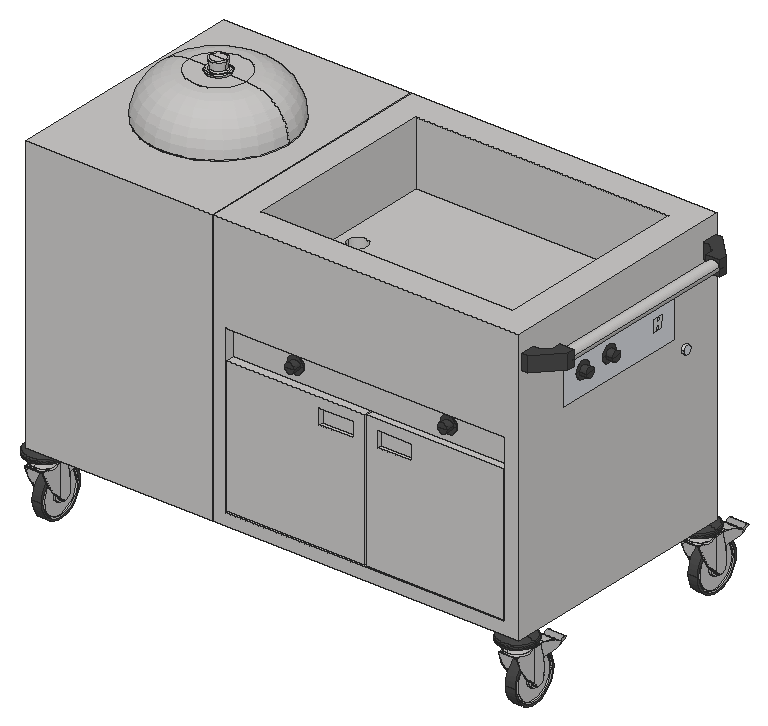
Revit family "QF_BOURGEAT_Bain_marie_mini_self", category Equipement spécialisé, Revit 2015
Parameters (values of type "mini_self")
  URL catalogue = "http://www.bourgeat.fr"
  URL = ""
  Type de Raccord Electrique = ""
  Type article = ""
  Tension = 230 V
  Spécification du Fabricant = "Bain-marie mobile"
  Remarques Electricité = ""
  Puissance électrique  = 3300 W
  Profondeur hors tout = 685 mm
  Poids net à vide = 90.00 kg
  Phase = 2
  Nature isolant = "30mm laine de roche"
  Modèle = "872210"
  Longueur hors tout = 1355 mm
  Intensité nominale = 14.3478 A
  Indice de protection = "33"
  Hauteur hors tout = 1060 mm
  Fréquence = 50 Hz
  Fabricant = "BOURGEAT"
  Contact SAV = "0033(0)4.76.32.14.44"
  Charge max = 170.00 kg
Reference planes
  plane 1 "Centre (avant/arrière)": y = 0
  plane 2: z = 0
  plane 3 "Centre (gauche/droite)": x = 0
  plane 4: x = 330
  plane 5: x = -330
  plane 6: y = 347.5
  plane 7: y = -347.5
  plane 8: z = 182
  plane 9: z = 182
  plane 10: y = 324
  plane 11: y = -324
  plane 12: x = 400
  plane 13: x = -400
  plane 14: z = 900
  plane 15: x = -175
  plane 16: x = 175
  plane 17: y = 204
  plane 18: z = 732
  plane 19: z = 214
  plane 20: x = -364.5
  plane 21: x = 364.5
  plane 22: z = 647
  plane 23: y = -301.5
  plane 24: y = -254
  plane 25: y = 254
  plane 26: z = 219
  plane 27: x = -200
  plane 28: x = 200
  plane 29: z = 609
  plane 30: z = 609
  plane 31: z = 853.5
  plane 32: x = 23.5
  plane 33: x = -23.5
  plane 34: z = 791
  plane 35: x = -369.2
  plane 36: x = 369.2
  plane 37: z = 953
  plane 38: y = 309.5
  plane 39: y = -31.5
  plane 40: y = -16.5
  plane 41: y = 282
  plane 42: x = -133
  plane 43: x = 133
  plane 44: x = -280
  plane 45: x = -888
  plane 46: x = -863
  plane 47: x = -644
  plane 48: z = 1010
  plane 49: x = -461
  plane 50: x = -827
  plane 51: x = -569
  plane 52: x = -719
  plane 53: z = 1041
  plane 54: x = -622
  plane 55: x = -666
  plane 56: x = -613
  plane 57: x = -675
  plane 58: x = -465
  plane 59: y = -252
Forms (mm)
  Extrusion 1, solid, material "Acier inoxydable, brossé"
    sketch origin (0, 0, 0) x (1, 0, 0) y (0, 1, 0)
      loop
        line (-400, 324) -> (-400, -324) -> (400, -324) -> (400, 324) -> (-400, 324)
    from 182 to 900
  Extrusion 2, void
    sketch origin (0, 0, 0) x (1, 0, 0) y (0, 1, 0)
      loop
        line (-330, 254) -> (-330, -254) -> (330, -254) -> (330, 254) -> (-330, 254)
    from 732 to 959.473
  Extrusion 3, void
    sketch origin (0, 0, 0) x (1, 0, 0) y (0, 1, 0)
      loop
        circle (-280, 0) r 25
    from 527.563 to 948.643
  Extrusion 4, void
    sketch origin (0, 0, 0) x (1, 0, 0) y (0, 0, 1)
      loop
        line (-364.5, 647) -> (-364.5, 214) -> (364.5, 214) -> (364.5, 647) -> (-364.5, 647)
    from 301.5 to 401.903
  Extrusion 5, solid, material "Acier inoxydable, brossé", not visible
    sketch origin (0, 0, 0) x (1, 0, 0) y (0, 0, 1)
      loop
        line (369.2, 900) -> (369.2, 953) -> (-369.2, 953) -> (-369.2, 900) -> (-354.2, 900) -> (-354.2, 938) -> (354.2, 938) -> (354.2, 900) -> (369.2, 900)
    from -309.5 to 31.5
  Extrusion 6, solid, material "Acier inoxydable, brossé", not visible
    sketch origin (0, 0, 0) x (1, 0, 0) y (0, 1, 0)
      loop
        line (-354.2, 309.5) -> (-354.2, 294.5) -> (354.2, 294.5) -> (354.2, 309.5) -> (-354.2, 309.5)
    from 900 to 938
  Extrusion 7, solid, material "Acier inoxydable, brossé"
    sketch origin (0, 0, 0) x (1, 0, 0) y (0, 1, 0)
      loop
        line (-888, 324) -> (-888, -324) -> (-400, -324) -> (-400, 324) -> (-888, 324)
    from 182 to 900
  Revolve 8, solid, material "Acier inoxydable, brossé"
    sketch origin (0, 0, 0) x (1, 0, 0) y (0, 0, 1)
      loop
        line (-827, 902) -> (-827, 900) -> (-644, 900) -> (-644, 1010) -> (-719, 1010)
        arc (-719, 1010) -> (-795.368, 978.368) -> (-827, 902) r 108
      axis (-644, 1010) -> (-644, 900)
    angle from 0 to 360
  Revolve 9, solid, material "Acier inoxydable, brossé"
    sketch origin (0, 0, 0) x (1, 0, 0) y (0, 0, 1)
      loop
        line (-644, 1041) -> (-663.699, 1041)
        arc (-663.699, 1041) -> (-665.209, 1040.312) -> (-665.68, 1038.722) r 2
        line (-665.68, 1038.722) -> (-662.782, 1018.099)
        arc (-662.782, 1018.099) -> (-663.488, 1015.714) -> (-665.752, 1014.682) r 3
        line (-665.752, 1014.682) -> (-672.275, 1014.682) -> (-674.723, 1011.948)
        arc (-674.723, 1011.948) -> (-674.92, 1010.692) -> (-673.853, 1010) r 1.168
        line (-673.853, 1010) -> (-644, 1010) -> (-644, 1041)
      axis (-644, 1041) -> (-644, 1010)
    angle from 0 to 360
  Extrusion 10, solid
    sketch origin (0, 0, 0) x (1, 0, 0) y (0, 1, 0)
      loop
        circle (-465, -252) r 5
    from 177.094 to 182
  Extrusion 11, solid
    sketch origin (0, 0, 0) x (0, 1, 0) y (0, 0, 1)
      loop
        circle (214.979, 630.751) r 10
    from 400 to 410.303
Cuts and joins
  Extrusion 2, Extrusion 3, Extrusion 4 cuts Extrusion 1
Lines and regions (mm)
  symbolic lines
    curve 1: line (-362.5, -324, 0) -> (-362.5, -684, 0)
    curve 2: line (362.5, -324, 0) -> (362.5, -684, 0)
    curve 3: arc (362.5, -684, 0) -> (107.942, -578.558, 0) -> (2.5, -324, 0) r 360
    curve 4: arc (-2.5, -324, 0) -> (-107.942, -578.558, 0) -> (-362.5, -684, 0) r 360
Dimensions and locks
  equal spacing: plane 5, plane 3 "Centre (gauche/droite)", plane 4
  equal spacing: plane 6, plane 1 "Centre (avant/arrière)", plane 7
  locked: plane 6 to plane 7 at 695
  equal spacing: plane 10, plane 1 "Centre (avant/arrière)", plane 11
  equal spacing: plane 13, plane 3 "Centre (gauche/droite)", plane 12
  plane 10 to plane 17 = 120 mm
  plane 14 to plane 18 = 168 mm
  plane 13 to plane 15 = 225 mm
  plane 14 to plane 9 = 718 mm
  locked: plane 14 to plane 2 at 900
  locked: plane 19 to plane 8 at 32
  locked: plane 13 to plane 20 at 35.5
  locked: plane 21 to plane 12 at 35.5
  locked: plane 22 to plane 19 at 433
  locked: plane 13 to plane 12 at 800
  plane 4 to plane 12 = 70 mm
  plane 13 to plane 5 = 70 mm
  locked: plane 11 to plane 24 at 70
  plane 10 to plane 25 = 70 mm
  cut or joined group of Extrusion 1, Extrusion 2, Extrusion 3, Extrusion 4 to plane 23 = 22.5 mm
  nested 6 to plane 20 = 2 mm
  nested 5 to plane 21 = 2 mm
  plane 13 to plane 27 = 200 mm
  plane 28 to plane 12 = 200 mm
  plane 16 to plane 12 = 225 mm
  equal spacing: plane 35, plane 3 "Centre (gauche/droite)", plane 36
  Extrusion 5 to Extrusion 5 = 341 mm
  equal spacing: plane 45, plane 47, plane 13
  plane 45 to plane 58 = 423 mm
  plane 59 to Extrusion 7 = 72 mm
  aligned and locked: level to plane 2
  aligned and locked: Extrusion 1 sketch curve to plane 11
  aligned and locked: Extrusion 1 sketch curve to plane 12
  aligned and locked: Extrusion 1 sketch curve to plane 13
  aligned and locked: Extrusion 1 sketch curve to plane 10
  aligned and locked: plane 14 to Extrusion 1
  aligned and locked: Extrusion 1 to plane 9
  aligned and locked: Extrusion 2 sketch curve to plane 5
  aligned and locked: Extrusion 2 sketch curve to plane 4
  aligned and locked: cut or joined group of Extrusion 1, Extrusion 2, Extrusion 3, Extrusion 4 to plane 18
  aligned and locked: plane 8 to plane 9
  aligned and locked: Extrusion 4 sketch curve to plane 22
  aligned and locked: plane 20 to Extrusion 4 sketch curve
  aligned and locked: plane 19 to Extrusion 4 sketch curve
  aligned and locked: plane 21 to Extrusion 4 sketch curve
  aligned and locked: cut or joined group of Extrusion 1, Extrusion 2, Extrusion 3, Extrusion 4 to plane 23
  aligned and locked: plane 24 to Extrusion 2 sketch curve
  aligned and locked: Extrusion 2 sketch curve to plane 25
  aligned and locked: nested 6 to plane 26
  aligned and locked: nested 5 to plane 26
  aligned and locked: cut or joined group of Extrusion 1, Extrusion 2, Extrusion 3, Extrusion 4 to nested 6
  aligned and locked: cut or joined group of Extrusion 1, Extrusion 2, Extrusion 3, Extrusion 4 to nested 5
  aligned and locked: cut or joined group of Extrusion 1, Extrusion 2, Extrusion 3, Extrusion 4 to nested 8
  aligned and locked: cut or joined group of Extrusion 1, Extrusion 2, Extrusion 3, Extrusion 4 to nested 7
  aligned and locked: nested 8 to plane 27
  aligned and locked: plane 29 to nested 8
  aligned and locked: plane 28 to nested 7
  aligned and locked: plane 29 to nested 7
  aligned and locked: plane 29 to plane 30
  aligned and locked: nested 9 to cut or joined group of Extrusion 1, Extrusion 2, Extrusion 3, Extrusion 4
  aligned and locked: plane 31 to nested 9
  aligned and locked: nested 10 to plane 12
  aligned and locked: plane 34 to nested 10
  aligned and locked: Extrusion 5 sketch curve to plane 36
  aligned and locked: Extrusion 5 sketch curve to plane 37
  aligned and locked: plane 35 to Extrusion 5 sketch curve
  aligned and locked: Extrusion 5 sketch curve to plane 14
  aligned and locked: plane 38 to Extrusion 5
  aligned and locked: Extrusion 5 to plane 39
  aligned and locked: Extrusion 6 to plane 14
  aligned and locked: Extrusion 6 to Extrusion 5
  aligned and locked: Extrusion 6 sketch curve to Extrusion 5
  aligned and locked: plane 1 "Centre (avant/arrière)" to Extrusion 3 sketch curve
  aligned and locked: plane 44 to Extrusion 3 sketch curve
  aligned and locked: Extrusion 7 sketch curve to plane 45
  aligned and locked: Extrusion 7 sketch curve to cut or joined group of Extrusion 1, Extrusion 2, Extrusion 3, Extrusion 4  (x2)
  aligned and locked: Extrusion 7 to cut or joined group of Extrusion 1, Extrusion 2, Extrusion 3, Extrusion 4  (x2)
  aligned and locked: plane 46 to nested 1
  aligned and locked: plane 46 to nested 4
  aligned and locked: Extrusion 7 sketch curve to plane 10
  aligned and locked: plane 48 to Revolve 8 sketch curve
  aligned and locked: plane 50 to Revolve 8 sketch curve
  aligned and locked: plane 8 to Extrusion 10
  aligned and locked: nested 2 to Extrusion 11
  aligned and locked: Extrusion 11 to plane 12
Automatic sketch dimensions
  Extrusion 5 sketch curve to plane 14 = 0 mm
  Extrusion 5 sketch curve to plane 37 = 0 mm
  plane 20 to Extrusion 5 sketch curve = 10.3 mm
  plane 21 to Extrusion 5 sketch curve = 10.3 mm
  Extrusion 5 sketch curve to plane 37 = 15 mm
  plane 20 to Extrusion 6 sketch curve = 10.3 mm
  plane 41 to Extrusion 6 sketch curve = 12.5 mm
  plane 21 to Extrusion 6 sketch curve = 10.3 mm
  Revolve 8 sketch curve to plane 14 = 0 mm
  plane 52 to Revolve 8 sketch curve = 0 mm
  Revolve 8 sketch curve to plane 47 = 0 mm  (x2)
  Revolve 8 sketch curve to Revolve 8 sketch curve = 10 mm
  plane 48 to Revolve 8 sketch curve = 30 mm
  Revolve 9 sketch curve to plane 48 = 0 mm
  Revolve 9 sketch curve to plane 53 = 0 mm
  Revolve 9 sketch curve to plane 47 = 0 mm  (x2)
  Revolve 9 sketch curve to plane 55 = 3.218 mm
  Revolve 9 sketch curve to plane 55 = 2.301 mm
  Revolve 9 sketch curve to plane 55 = 0.32 mm
  Revolve 9 sketch curve to plane 55 = 0.248 mm
  Revolve 9 sketch curve to plane 57 = 2.725 mm
  Revolve 9 sketch curve to plane 57 = 1.147 mm
  Revolve 9 sketch curve to plane 57 = 0.277 mm
  Revolve 9 sketch curve to Revolve 9 sketch curve = 1.168 mm
  plane 48 to Revolve 9 sketch curve = 4.682 mm
  Revolve 9 sketch curve to Revolve 9 sketch curve = 3 mm
  Revolve 9 sketch curve to plane 53 = 2.278 mm
  plane 37 to Revolve 9 sketch curve = 19.774 mm
  Revolve 9 sketch curve to Revolve 9 sketch curve = 41.774 mm
  Extrusion 10 sketch curve to plane 58 = 0 mm
  Extrusion 10 sketch curve to plane 59 = 0 mm
  plane 17 to Extrusion 11 sketch curve = 10.979 mm
  Extrusion 11 sketch curve to plane 22 = 16.249 mm
  plane 11 to curve 1 = 0 mm
  plane 11 to curve 4 = 0 mm
  plane 11 to curve 3 = 0 mm
  plane 11 to curve 2 = 0 mm
  plane 20 to curve 4 = 2 mm
  plane 21 to curve 2 = 2 mm
  plane 7 to curve 2 = 336.5 mm
  curve 4 to plane 3 "Centre (gauche/droite)" = 2.5 mm
  radius of Extrusion 3 sketch curve = 25 mm
  radius of Extrusion 10 sketch curve = 5 mm
  radius of Extrusion 11 sketch curve = 10 mm
Nested families
  nested 1: "ROULETTE" at (-863, 298, 0), type "ROULETTE"
    with Sans frein yes, Avec frein yes
  nested 2: "ROULETTE" at (375.087, 298, 0), type "ROULETTE"
    with Sans frein yes, Avec frein yes
  nested 3: "ROULETTE" at (375.5, -298, 0), type "ROULETTE"
    with Sans frein yes, Avec frein yes
  nested 4: "ROULETTE" at (-863, -298, 0), type "ROULETTE"
    with Sans frein yes, Avec frein yes
  nested 5: "porte_poignee_gauche" at (182.5, -303, 395), type "porte_poignee_gauche"
  nested 6: "porte_poignee_droite" at (-182.5, -303, 395), type "porte_poignee_droite"
  nested 7: "bouton_rond" at (200, -301.5, 609) x (-1, 0, 0) z (0, 0, 1), type "bouton_rond"
  nested 8: "bouton_rond" at (-200, -301.5, 609) x (-1, 0, 0) z (0, 0, 1), type "bouton_rond"
  nested 9: "supports+barre_transport" at (400, 0, 813.5) x (0, -1, 0) z (0, 0, 1), type "supports+barre_transport"
  nested 10: "interface" at (402, 0, 729) x (0, 1, 0) z (0, 0, 1), type "interface"
Connectors
  piping at (-465, -252, 177.094), diameter 20
    settings: on Extrusion 10, index 1, connector inside diameter 609.6 mm, connector length 0 mm, flow factor 0, pipe flow 0.0 L/s, pressure drop 0.0 Pa, fitting loss kfactor 0, connector angle 0.00°, fixture units 0, engagement length 0 mm, angle of deflection 0.00°, flow configuration 0, flow direction 2, fitting loss method 0, system type 19, joint type 0, gender type 0, connector reference index -1, connector utility 0, adjustable connector no, is connector primary yes, connector description ""
  electrical at (410.303, 214.979, 630.751)
    settings: on Extrusion 11, index 2, voltage 0 V, apparent load 0 VA, apparent load phase1 0 VA, apparent load phase2 0 VA, apparent load phase3 0 VA, power factor 1, load classification "Autre", number of poles 1, system type 30, power factor state 1, is connector primary yes, connector utility no, sub classification motor no, connector description "prise 2P+T 16A"
Definition of nested family "ROULETTE"
  Parameters (values of type "ROULETTE")
    Sans frein [instance] = yes
    Avec frein [instance] = yes
  Reference planes
    plane 1 "Centre (avant/arrière)": y = 0
    plane 2: z = 0
    plane 3 "Centre (gauche/droite)": x = 0
    plane 4: y = 40.851
    plane 5: z = 62.5
  Forms (mm)
    Extrusion 1, solid
      sketch origin (0, 0, 0) x (0, 1, 0) y (0, 0, 1)
        loop
          circle (40.851, 62.5) r 62.5
        loop
          circle (40.851, 62.5) r 57.5
      from -12.5 to 12.5
    Revolve 2, solid
      sketch origin (0, 0, 30.333) x (1, 0, 0) y (0, 0, 1)
        loop
          line (0, 151.667) -> (-25, 151.667) -> (-45.338, 146.217)
          arc (-45.338, 146.217) -> (-46.897, 145.175) -> (-47.5, 143.4) r 2.917
          line (-47.5, 143.4) -> (-47.5, 138.833)
          arc (-47.5, 138.833) -> (-47.012, 137.655) -> (-45.833, 137.167) r 1.667
          line (-45.833, 137.167) -> (-24.607, 137.167) -> (-24, 132.667) -> (0, 132.667) -> (0, 151.667)
        axis (0, 151.667) -> (0, 132.667)
      angle from 0 to 360
    Revolve 3, solid
      sketch origin (0, 0, 0) x (0, 1, 0) y (0, 0, 1)
        loop
          line (0, 163) -> (-20.149, 163) -> (-20.149, 159.41) -> (-21.6, 159.41)
          arc (-21.6, 159.41) -> (-24.448, 158.65) -> (-26.537, 156.572) r 5.712
          line (-26.537, 156.572) -> (-30.146, 147.743) -> (-26.999, 147.062) -> (-26.999, 146.112)
          arc (-26.999, 146.112) -> (-27.23, 145.314) -> (-27.849, 144.761) r 1.5
          arc (-27.849, 144.761) -> (-29.223, 143.633) -> (-29.923, 142) r 3.75
          line (-29.923, 142) -> (0, 142) -> (0, 163)
        axis (0, 163) -> (0, 142)
      angle from 0 to 360
    Extrusion 4, solid
      sketch origin (0, 0, 0) x (0, 1, 0) y (0, 0, -1)
        loop
          line (-29.974, -138.241) -> (-29.974, -142) -> (21.747, -142) -> (21.747, -60.336)
          arc (21.747, -60.336) -> (10.272, -70.702) -> (-0.149, -82.127) r 160.057
          arc (-0.149, -82.127) -> (-17.883, -108.684) -> (-29.974, -138.241) r 159.585
      from -24.913 to -23.038
    Extrusion 5, solid
      sketch origin (0, 0, 0) x (0, 1, 0) y (0, 0, 1)
        loop
          line (-29.974, 142) -> (-29.974, 140.869) -> (21.747, 140.869) -> (21.747, 142) -> (-29.974, 142)
      from -23.038 to 23.038
    Extrusion 6, solid
      sketch origin (0, 0, 0) x (0, 1, 0) y (0, 0, 1)
        loop
          circle (40.851, 62.5) r 57.5
        loop
          circle (40.851, 62.5) r 55
      from -12.5 to 12.5
    Extrusion 7, solid
      sketch origin (0, 0, 0) x (0, 1, 0) y (0, 0, 1)
        loop
          circle (40.851, 62.5) r 55
      from -7 to 7
    Extrusion 8, solid
      sketch origin (0, 0, 0) x (0, 1, 0) y (0, 0, 1)
        loop
          circle (40.851, 62.5) r 21
      from 7 to 15
    Extrusion 9, solid
      sketch origin (0, 0, 0) x (0, 1, 0) y (0, 0, -1)
        loop
          circle (40.851, -62.5) r 16
      from -23.038 to -15
    Extrusion 10, solid, visible <- "Sans frein"
      sketch origin (0, 0, 0) x (0, 1, 0) y (0, 0, 1)
        loop
          arc (21.747, 60.336) -> (23.188, 59.17) -> (24.642, 58.02) r 161.23
          arc (24.642, 58.02) -> (29.34, 54.513) -> (34.187, 51.216) r 133.333
          arc (34.187, 51.216) -> (46.517, 50.3) -> (53.927, 60.198) r 12.867
          arc (53.927, 60.198) -> (54.714, 99.183) -> (46.119, 137.216) r 161.222
          arc (46.119, 137.216) -> (45.679, 138.887) -> (45.531, 140.609) r 10.076
          line (45.531, 140.609) -> (45.531, 142) -> (21.747, 142) -> (21.747, 60.336)
      from 23.038 to 24.913
    Extrusion 11, solid, visible <- "Sans frein"
      sketch origin (0, 0, 0) x (0, 1, 0) y (0, 0, 1)
        loop
          line (21.747, 142) -> (21.747, 140.701) -> (48.851, 140.701) -> (48.851, 142) -> (21.747, 142)
      from -23.038 to 23.038
    Extrusion 12, solid, visible <- "Avec frein"
      sketch origin (0, 0, 0) x (0, 1, 0) y (0, 0, 1)
        loop
          line (21.747, 142) -> (21.747, 60.336)
          arc (21.747, 60.336) -> (23.177, 59.179) -> (24.62, 58.038) r 160.008
          arc (24.62, 58.038) -> (29.041, 54.705) -> (33.574, 51.527) r 160
          arc (33.574, 51.527) -> (46.135, 50.422) -> (53.724, 60.491) r 13
          arc (53.724, 60.491) -> (55.279, 82.092) -> (53.902, 103.704) r 160
          arc (53.902, 103.704) -> (55.53, 108.653) -> (60.415, 110.463) r 6
          arc (60.415, 110.463) -> (80.625, 109.924) -> (100.725, 112.107) r 150
          arc (100.725, 112.107) -> (104.408, 113.406) -> (107.479, 115.819) r 12
          line (107.479, 115.819) -> (110.851, 121.523)
          arc (110.851, 121.523) -> (85.913, 134.651) -> (58.706, 142) r 127.902
          line (58.706, 142) -> (21.747, 142)
      from 23.038 to 24.913
    Extrusion 13, solid, visible <- "Avec frein"
      sketch origin (0, 0, 0) x (0, 1, 0) y (0, 0, 1)
        loop
          line (58.706, 142) -> (21.747, 142) -> (21.747, 140) -> (58.552, 140)
          arc (58.552, 140) -> (85.253, 132.762) -> (109.73, 119.866) r 125.902
          line (109.73, 119.866) -> (110.851, 121.523)
          arc (110.851, 121.523) -> (85.913, 134.651) -> (58.706, 142) r 127.902
      from -23.038 to 23.038
    Extrusion 14, solid, visible <- "Avec frein"
      sketch origin (0, 19.896, 18.175) x (0, 1, 0) y (0, 0, 1)
        loop
          line (87.583, 97.644) -> (91.829, 95.227)
          arc (91.829, 95.227) -> (93.8, 95.006) -> (95.312, 96.29) r 2.5
          arc (95.312, 96.29) -> (103.495, 100.002) -> (111.176, 104.666) r 74.999
          line (111.176, 104.666) -> (110.852, 105.929)
          arc (110.852, 105.929) -> (110.04, 107.086) -> (108.666, 107.417) r 2
          arc (108.666, 107.417) -> (101.396, 105.849) -> (94.512, 103.034) r 42.354
          line (94.512, 103.034) -> (93.479, 101.228) -> (93.285, 100.414) -> (91.69, 101.675) -> (90.401, 102.412) -> (87.583, 97.644)
      from -23.038 to 23.038
    Extrusion 15, solid, not visible
      sketch origin (0, 0, 0) x (0, 1, 0) y (0, 0, -1)
        loop
          line (-29.974, -138.241) -> (-29.974, -142) -> (21.747, -142) -> (21.747, -60.336)
          arc (21.747, -60.336) -> (10.272, -70.702) -> (-0.149, -82.127) r 160.057
          arc (-0.149, -82.127) -> (-17.883, -108.684) -> (-29.974, -138.241) r 159.585
      from -24.913 to -23.038
    Extrusion 16, solid, not visible
      sketch origin (0, 0, 0) x (0, 1, 0) y (0, 0, 1)
        loop
          circle (40.851, 62.5) r 21
      from 7 to 15
    Extrusion 17, solid, not visible
      sketch origin (0, 0, 0) x (0, 1, 0) y (0, 0, -1)
        loop
          circle (40.851, -62.5) r 16
      from -23.038 to -15
    Extrusion 18, solid, visible <- "Sans frein", not visible
      sketch origin (0, 0, 0) x (0, 1, 0) y (0, 0, 1)
        loop
          arc (21.747, 60.336) -> (23.188, 59.17) -> (24.642, 58.02) r 161.23
          arc (24.642, 58.02) -> (29.34, 54.513) -> (34.187, 51.216) r 133.333
          arc (34.187, 51.216) -> (46.517, 50.3) -> (53.927, 60.198) r 12.867
          arc (53.927, 60.198) -> (54.714, 99.183) -> (46.119, 137.216) r 161.222
          arc (46.119, 137.216) -> (45.679, 138.887) -> (45.531, 140.609) r 10.076
          line (45.531, 140.609) -> (45.531, 142) -> (21.747, 142) -> (21.747, 60.336)
      from 23.038 to 24.913
    Extrusion 19, solid, visible <- "Avec frein", not visible
      sketch origin (0, 0, 0) x (0, 1, 0) y (0, 0, 1)
        loop
          line (21.747, 142) -> (21.747, 60.336)
          arc (21.747, 60.336) -> (23.177, 59.179) -> (24.62, 58.038) r 160.008
          arc (24.62, 58.038) -> (29.041, 54.705) -> (33.574, 51.527) r 160
          arc (33.574, 51.527) -> (46.135, 50.422) -> (53.724, 60.491) r 13
          arc (53.724, 60.491) -> (55.279, 82.092) -> (53.902, 103.704) r 160
          arc (53.902, 103.704) -> (55.53, 108.653) -> (60.415, 110.463) r 6
          arc (60.415, 110.463) -> (80.625, 109.924) -> (100.725, 112.107) r 150
          arc (100.725, 112.107) -> (104.408, 113.406) -> (107.479, 115.819) r 12
          line (107.479, 115.819) -> (110.851, 121.523)
          arc (110.851, 121.523) -> (85.913, 134.651) -> (58.706, 142) r 127.902
          line (58.706, 142) -> (21.747, 142)
      from 23.038 to 24.913
    Extrusion 20, solid
      sketch origin (0, 0, 0) x (0, -1, 0) y (0, 0, -1)
        loop
          arc (29.974, -138.241) -> (17.883, -108.684) -> (0.149, -82.127) r 159.585
          arc (0.149, -82.127) -> (-10.272, -70.702) -> (-21.747, -60.336) r 160.057
          line (-21.747, -60.336) -> (-21.747, -142) -> (29.974, -142) -> (29.974, -138.241)
      from -24.913 to -23.038
    Extrusion 21, solid
      sketch origin (0, 0, 0) x (0, -1, 0) y (0, 0, 1)
        loop
          circle (-40.851, 62.5) r 21
      from 7 to 15
    Extrusion 22, solid
      sketch origin (0, 0, 0) x (0, -1, 0) y (0, 0, -1)
        loop
          circle (-40.851, -62.5) r 16
      from -23.038 to -15
    Extrusion 23, solid, visible <- "Sans frein"
      sketch origin (0, 0, 0) x (0, -1, 0) y (0, 0, 1)
        loop
          line (-21.747, 60.336) -> (-21.747, 142) -> (-45.531, 142) -> (-45.531, 140.609)
          arc (-45.531, 140.609) -> (-45.679, 138.887) -> (-46.119, 137.216) r 10.076
          arc (-46.119, 137.216) -> (-54.714, 99.183) -> (-53.927, 60.198) r 161.222
          arc (-53.927, 60.198) -> (-46.517, 50.3) -> (-34.187, 51.216) r 12.867
          arc (-34.187, 51.216) -> (-29.34, 54.513) -> (-24.642, 58.02) r 133.333
          arc (-24.642, 58.02) -> (-23.188, 59.17) -> (-21.747, 60.336) r 161.23
      from 23.038 to 24.913
    Extrusion 24, solid, visible <- "Avec frein"
      sketch origin (0, 0, 0) x (0, -1, 0) y (0, 0, 1)
        loop
          line (-21.747, 142) -> (-58.706, 142)
          arc (-58.706, 142) -> (-85.913, 134.651) -> (-110.851, 121.523) r 127.902
          line (-110.851, 121.523) -> (-107.479, 115.819)
          arc (-107.479, 115.819) -> (-104.408, 113.406) -> (-100.725, 112.107) r 12
          arc (-100.725, 112.107) -> (-80.625, 109.924) -> (-60.415, 110.463) r 150
          arc (-60.415, 110.463) -> (-55.53, 108.653) -> (-53.902, 103.704) r 6
          arc (-53.902, 103.704) -> (-55.279, 82.092) -> (-53.724, 60.491) r 160
          arc (-53.724, 60.491) -> (-46.135, 50.422) -> (-33.574, 51.527) r 13
          arc (-33.574, 51.527) -> (-29.041, 54.705) -> (-24.62, 58.038) r 160
          arc (-24.62, 58.038) -> (-23.177, 59.179) -> (-21.747, 60.336) r 160.008
          line (-21.747, 60.336) -> (-21.747, 142)
      from 23.038 to 24.913
  Dimensions and locks
    aligned and locked: level to plane 2
Definition of nested family "porte_poignee_gauche"
  Reference planes
    plane 1 "Centre (avant/arrière)": y = 0
    plane 2: z = 0
    plane 3 "Centre (gauche/droite)": x = 0
    plane 4: x = 180
    plane 5: x = -180
    plane 6: z = 176
    plane 7: z = -176
    plane 8: x = 151.3
    plane 9: x = -151.3
    plane 10: z = 151
    plane 11: z = 111
    plane 12: x = -61.3
    plane 13: x = 61.3
    plane 14: y = -21
  Forms (mm)
    Extrusion 1, solid
      sketch origin (0, 0, 0) x (1, 0, 0) y (0, 0, 1)
        loop
          line (-180, 176) -> (-180, -176) -> (180, -176) -> (180, 176) -> (-180, 176)
      from 0 to 21
    Extrusion 2, void
      sketch origin (0, 0, 0) x (1, 0, 0) y (0, 0, 1)
        loop
          line (-151.3, 151) -> (-151.3, 111) -> (-61.3, 111) -> (-61.3, 151) -> (-151.3, 151)
      from 11.047 to 38.392
  Cuts and joins
    Extrusion 2 cuts Extrusion 1
  Dimensions and locks
    Extrusion 2 sketch curve to Extrusion 2 sketch curve to plane 6 = 40 mm, 25 mm
    plane 5 to plane 3 "Centre (gauche/droite)" to plane 4 = 180 mm, 180 mm
    plane 5 to plane 4 = 360 mm
    plane 14 to plane 1 "Centre (avant/arrière)" = 21 mm
    aligned and locked: level to plane 2
    aligned and locked: Extrusion 1 sketch curve to plane 6
    aligned and locked: Extrusion 1 sketch curve to plane 5
    aligned and locked: Extrusion 1 sketch curve to plane 7
    aligned and locked: Extrusion 1 sketch curve to plane 4
    aligned and locked: Extrusion 1 to plane 14
    aligned and locked: Extrusion 2 sketch curve to plane 10
    aligned and locked: Extrusion 2 sketch curve to plane 12
Definition of nested family "porte_poignee_droite"
  Reference planes
    plane 1 "Centre (avant/arrière)": y = 0
    plane 2: z = 0
    plane 3 "Centre (gauche/droite)": x = 0
    plane 4: x = 180
    plane 5: x = -180
    plane 6: z = 176
    plane 7: z = -176
    plane 8: x = 151.3
    plane 9: x = -151.3
    plane 10: z = 151
    plane 11: z = 111
    plane 12: x = -61.3
    plane 13: x = 61.3
    plane 14: y = -21
  Forms (mm)
    Extrusion 1, solid
      sketch origin (0, 0, 0) x (1, 0, 0) y (0, 0, 1)
        loop
          line (-180, 176) -> (-180, -176) -> (180, -176) -> (180, 176) -> (-180, 176)
      from 0 to 21
    Extrusion 2, void
      sketch origin (0, 0, 0) x (1, 0, 0) y (0, 0, 1)
        loop
          line (61.3, 151) -> (61.3, 111) -> (151.3, 111) -> (151.3, 151) -> (61.3, 151)
      from 11.047 to 38.392
  Cuts and joins
    Extrusion 2 cuts Extrusion 1
  Dimensions and locks
    Extrusion 2 sketch curve to Extrusion 2 sketch curve to plane 6 = 40 mm, 25 mm
    plane 5 to plane 3 "Centre (gauche/droite)" to plane 4 = 180 mm, 180 mm
    plane 5 to plane 4 = 360 mm
    plane 14 to plane 1 "Centre (avant/arrière)" = 21 mm
    aligned and locked: level to plane 2
    aligned and locked: Extrusion 1 sketch curve to plane 6
    aligned and locked: Extrusion 1 sketch curve to plane 5
    aligned and locked: Extrusion 1 sketch curve to plane 7
    aligned and locked: Extrusion 1 sketch curve to plane 4
    aligned and locked: Extrusion 1 to plane 14
    aligned and locked: Extrusion 2 sketch curve to plane 10
    aligned and locked: Extrusion 2 sketch curve to plane 13
    aligned and locked: Extrusion 2 sketch curve to plane 8
Definition of nested family "bouton_rond"
  Reference planes
    plane 1 "Centre (avant/arrière)": y = 0
    plane 2: z = 0
    plane 3 "Centre (gauche/droite)": x = 0
    plane 4: y = 2
    plane 5: y = 21
    plane 6: x = -21.5
    plane 7: x = -12.5
  Forms (mm)
    Revolve 1, solid
      sketch origin (0, 0, 0) x (1, 0, 0) y (0, 1, 0)
        loop
          line (0, 0) -> (0, 21) -> (-12.5, 21) -> (-12.5, 2) -> (-21.5, 2) -> (-21.5, 0) -> (0, 0)
        axis (0, 21) -> (0, 0)
      angle from 0 to 360
  Dimensions and locks
    aligned and locked: level to plane 2
Definition of nested family "supports+barre_transport"
  Parameters (values of type "supports+barre_transport")
    lg_barre_transport = 635 mm
    lg_barre = lg_barre_transport - 120 mm  # 515 mm
  Reference planes
    plane 1 "Centre (avant/arrière)": y = 0
    plane 2: z = 0
    plane 3 "Centre (gauche/droite)": x = 0
    plane 4: x = -317.5
    plane 5: x = 317.5
    plane 6: y = 57.5
  Dimensions and locks
    "lg_barre_transport": plane 4 to plane 5
    equal spacing: plane 4, plane 3 "Centre (gauche/droite)", plane 5
    aligned and locked: level to plane 2
    aligned and locked: nested 1 to plane 4
    aligned and locked: plane 6 to nested 1
    aligned and locked: nested 3 to plane 6
    aligned and locked: nested 2 to plane 5
    aligned and locked: nested 3 to plane 3 "Centre (gauche/droite)"
    aligned and locked: nested 3 to nested 1
  Nested families
    nested 1: "support barre" at (-317.5, 0, 0), type "support barre"
    nested 2: "support barre" at (317.5, 0, 0) x (-1, 0, 0) z (0, 0, 1), type "support barre"
    nested 3: "barre" at (-257.5, 57.5, 20) x (0, 1, 0) z (0, 0, 1), type "barre"
  Definition of nested family "support barre"
    Reference planes
      plane 1 "Centre (avant/arrière)": y = 0
      plane 2: z = 0
      plane 3 "Centre (gauche/droite)": x = 0
      plane 4: y = 76
      plane 5: x = 78
      plane 6: y = 19
      plane 7: x = 60
      plane 8: through (0, 19, 1200) normal (-0.6887, 0.725, 0)
      plane 9: x = 40
      plane 10: z = 40
      plane 11: y = 57.5
      plane 12: z = 20
    Forms (mm)
      Extrusion 1, solid
        sketch origin (0, 0, 0) x (1, 0, 0) y (0, 1, 0)
          loop
            line (0, 0) -> (40, 0) -> (40, 19) -> (60, 39) -> (78, 39) -> (78, 76) -> (60, 76) -> (0, 19) -> (0, 0)
        from 0 to 40
      Extrusion 2, void
        sketch origin (0, 0, 0) x (0, 1, 0) y (0, 0, 1)
          loop
            circle (57.5, 20) r 15
        from 60 to 250
    Cuts and joins
      Extrusion 2 cuts Extrusion 1
    Dimensions and locks
      plane 1 "Centre (avant/arrière)" to plane 4 = 76 mm
      plane 3 "Centre (gauche/droite)" to plane 5 = 78 mm
      aligned and locked: level to plane 2
      aligned and locked: plane 10 to Extrusion 1
      aligned and locked: plane 12 to Extrusion 2 sketch curve
      aligned and locked: Extrusion 2 to plane 7
  Definition of nested family "barre"
    Parameters (values of type "barre")
      lg_barre = 515 mm
    Reference planes
      plane 1 "Centre (avant/arrière)": y = 0
      plane 2: z = 0
      plane 3 "Centre (gauche/droite)": x = 0
      plane 4: y = -515
      plane 5: y = -257.5
    Forms (mm)
      Extrusion 1, solid
        sketch origin (0, 0, 0) x (1, 0, 0) y (0, 0, 1)
          loop
            circle (0, 0) r 15
        from 0 to 515
    Dimensions and locks
      "lg_barre": plane 4 to plane 1 "Centre (avant/arrière)"
      equal spacing: plane 4, plane 5, plane 1 "Centre (avant/arrière)"
      aligned and locked: level to plane 2
      aligned and locked: Extrusion 1 to plane 4
    Automatic sketch dimensions
      Extrusion 1 sketch curve to level = 0 mm
      Extrusion 1 sketch curve to plane 3 "Centre (gauche/droite)" = 0 mm
      radius of Extrusion 1 sketch curve = 15 mm
Definition of nested family "interface"
  Reference planes
    plane 1 "Centre (avant/arrière)": y = 0
    plane 2: z = 0
    plane 3 "Centre (gauche/droite)": x = 0
    plane 4: x = 180
    plane 5: x = -180
    plane 6: z = 62
    plane 7: z = -62
    plane 8: x = -119
    plane 9: x = -33
    plane 10: x = 138
    plane 11: x = 113
    plane 12: z = 15.5
    plane 13: z = -15.5
    plane 14: y = 2
  Forms (mm)
    Extrusion 1, solid
      sketch origin (0, 0, 0) x (1, 0, 0) y (0, 0, 1)
        loop
          line (-180, 62) -> (-180, -62) -> (180, -62) -> (180, 62) -> (-180, 62)
      from 0 to -2
  Dimensions and locks
    plane 14 to plane 1 "Centre (avant/arrière)" = 2 mm
    aligned and locked: level to plane 2
    aligned and locked: Extrusion 1 sketch curve to plane 6
    aligned and locked: Extrusion 1 sketch curve to plane 5
    aligned and locked: Extrusion 1 sketch curve to plane 7
    aligned and locked: Extrusion 1 sketch curve to plane 4
    aligned and locked: Extrusion 1 to plane 14
    aligned and locked: nested 1 to plane 1 "Centre (avant/arrière)"
    aligned and locked: nested 1 to plane 10
    aligned and locked: plane 12 to nested 1
    aligned and locked: nested 2 to Extrusion 1
    aligned and locked: nested 3 to Extrusion 1
  Nested families
    nested 1: "switch" at (125.5, 0, -15.5) x (-1, 0, 0) z (0, 0, 1), type "switch"
    nested 2: "bouton_rond" at (-119, 0, 0) x (-1, 0, 0) z (0, 0, 1), type "bouton_rond"
    nested 3: "bouton_rond" at (-33, 0, 0) x (-1, 0, 0) z (0, 0, 1), type "bouton_rond"
  Definition of nested family "switch"
    Reference planes
      plane 1 "Centre (avant/arrière)": y = 0
      plane 2: z = 0
      plane 3 "Centre (gauche/droite)": x = 0
      plane 4: y = 5
      plane 5: y = 1
      plane 6: z = 31
      plane 7: x = 12.5
      plane 8: x = -12.5
      plane 9: z = 25.177
    Forms (mm)
      Extrusion 1, solid
        sketch origin (0, 0, 0) x (0, 1, 0) y (0, 0, 1)
          loop
            line (0, 0) -> (1, 0) -> (2.152, 31) -> (0, 31) -> (0, 0)
        from -12.5 to 12.5
      Extrusion 2, solid
        sketch origin (0, 0, 4.291) x (1, 0, 0) y (0, 0, 1)
          loop
            circle (0, 20.886) r 3.186
          loop
            line (1.701, -1.363) -> (1.701, 7.758) -> (-1.378, 7.758) -> (-1.378, -1.363) -> (1.701, -1.363)
        from 0 to -2.244
    Dimensions and locks
      plane 6 to plane 2 = 31 mm
      aligned and locked: level to plane 2
      aligned and locked: plane 5 to Extrusion 1 sketch curve
      aligned and locked: plane 6 to Extrusion 1
      aligned and locked: plane 8 to Extrusion 1
      aligned and locked: plane 7 to Extrusion 1
      aligned and locked: plane 3 "Centre (gauche/droite)" to Extrusion 2 sketch curve
      aligned and locked: plane 9 to Extrusion 2
  Definition of nested family "bouton_rond"
    Reference planes
      plane 1 "Centre (avant/arrière)": y = 0
      plane 2: z = 0
      plane 3 "Centre (gauche/droite)": x = 0
      plane 4: y = 2
      plane 5: y = 21
      plane 6: x = -21.5
      plane 7: x = -12.5
    Forms (mm)
      Revolve 1, solid
        sketch origin (0, 0, 0) x (1, 0, 0) y (0, 1, 0)
          loop
            line (0, 0) -> (0, 21) -> (-12.5, 21) -> (-12.5, 2) -> (-21.5, 2) -> (-21.5, 0) -> (0, 0)
          axis (0, 21) -> (0, 0)
        angle from 0 to 360
    Dimensions and locks
      aligned and locked: level to plane 2
